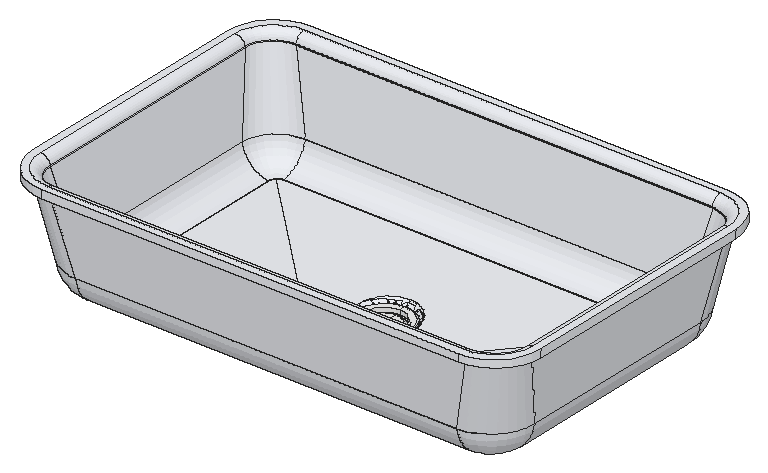
Revit family "Basin-Under Counter-Caroma Cube 500", category Plumbing Fixtures, host Face, Revit 2014
Parameters (values of type "Cube 500")
  Width_ANZRS = 348 mm  # constant formula
  Waste Radius [instance] = 30 mm
  Waste Connection = yes
  Waste = Metal-Chrome-Caroma
  WFU = 1
  Vent Connection = no
  URL = "http://www.caroma.com.au"
  Type Comments = "White Only, 12.5L Capacity, Supplied with Overflow Only, Includes flush-fitting white plug and waste"  # constant formula
  ModifiedIssue_ANZRS = 20140916.01  # constant formula
  Model = "683455W"  # constant formula
  Material_ANZRS = Porcelain-White-Caroma
  Manufacturer = "GWA Bathrooms & Kitchens"  # constant formula
  Length_ANZRS = 528 mm  # constant formula
  HW Connection = no
  Description = "Caroma Cube 500 Under Counter Basin"  # constant formula
  Depth_ANZRS = 172 mm  # constant formula
  Default Elevation = 0 mm
  CreatedBy_ANZRS = "Design Content"  # constant formula
  CreatedByURL_ANZRS = "http://www.designcontent.com.au"
  CW Connection = no
  Bench Thickness = 20 mm
  Assembly Code = "D2010310"
Reference planes
  plane 1 "Center (Front/Back)": y = 0
  plane 2: z = 0
  plane 3 "Center (Left/Right)": x = 0
  plane 4 "Back": y = 174
  plane 5 "Front": y = -174
  plane 6 "Left": x = -264
  plane 7 "Right": x = 264
  plane 8: y = 0
  plane 9 "Waste Connector": z = -192
  plane 10 "Under Bench": z = -20
Forms (mm)
  Revolve 1, solid, material "Porcelain-White-Caroma" <- "Material_ANZRS"
    sketch origin (0, 0, -151.338) x (0, 1, 0) y (0, 0, 1)
      loop
        line (22.001, -40.662) -> (27.001, -40.662) -> (27.001, 0.212) -> (34.624, 7.835) -> (31.674, 11.956) -> (22.001, 2.283) -> (22.001, -40.662)
      axis (0, -40.662) -> (0, 11.956)
    angle from 0 to 360
  Revolve 2, void
    sketch origin (0, 0, -151.338) x (0, 1, 0) y (0, 0, 1)
      loop
        line (22.001, -44) -> (22.001, 2.283) -> (44.529, 24.811) -> (0, 24.811) -> (0, -44) -> (22.001, -44)
      axis (0, -44) -> (0, 24.811)
    angle from 0 to 360
  Revolve 3, solid, material "Metal-Chrome-Caroma" <- "Waste", detail levels fine
    sketch origin (0, 0, -139.616) x (0, 1, 0) y (0, 0, 1)
      loop
        line (0, -10.692) -> (12.21, -10.692) -> (21.961, -5.287) -> (21.961, -2.838) -> (27.971, -2.838) -> (27.971, -2.027) -> (26.863, -1.308) -> (20.393, -1.308) -> (20.393, -5.615) -> (12.737, -9.859) -> (12.737, -6.13) -> (18.571, -6.13)
        arc (18.571, -6.13) -> (17.547, -4.846) -> (16.02, -4.244) r 3.183
        arc (16.02, -4.244) -> (8.02, -3.645) -> (0, -3.445) r 161.139
        line (0, -3.445) -> (0, -10.692)
      axis (0, -10.692) -> (0, -1.308)
    angle from 0 to 360
  Extrusion 4, void
    sketch origin (0, 0, -20) x (0, 1, 0) y (-1, 0, 0)
      loop
        arc (159, 216.5) -> (149.481, 239.481) -> (126.5, 249) r 32.5
        line (126.5, 249) -> (-126.5, 249)
        arc (-126.5, 249) -> (-149.481, 239.481) -> (-159, 216.5) r 32.5
        line (-159, 216.5) -> (-159, -216.5)
        arc (-159, -216.5) -> (-149.481, -239.481) -> (-126.5, -249) r 32.5
        line (-126.5, -249) -> (126.5, -249)
        arc (126.5, -249) -> (149.481, -239.481) -> (159, -216.5) r 32.5
        line (159, -216.5) -> (159, 216.5)
    from 20 to -172
  Extrusion 5, void
    sketch origin (0, 0, -20) x (0, 1, 0) y (-1, 0, 0)
      loop
        arc (159, 216.5) -> (149.481, 239.481) -> (126.5, 249) r 32.5
        line (126.5, 249) -> (-126.5, 249)
        arc (-126.5, 249) -> (-149.481, 239.481) -> (-159, 216.5) r 32.5
        line (-159, 216.5) -> (-159, -216.5)
        arc (-159, -216.5) -> (-149.481, -239.481) -> (-126.5, -249) r 32.5
        line (-126.5, -249) -> (126.5, -249)
        arc (126.5, -249) -> (149.481, -239.481) -> (159, -216.5) r 32.5
        line (159, -216.5) -> (159, 216.5)
    from 20 to -172
  Sweep 6, solid, material "Porcelain-White-Caroma" <- "Material_ANZRS"
    path origin (0, 0, -20) x (0, 1, 0) y (-1, 0, 0)
      loop
        arc (174, 216.5) -> (160.088, 250.088) -> (126.5, 264) r 47.5
        line (126.5, 264) -> (-126.5, 264)
        arc (-126.5, 264) -> (-160.088, 250.088) -> (-174, 216.5) r 47.5
        line (-174, 216.5) -> (-174, -216.5)
        arc (-174, -216.5) -> (-160.088, -250.088) -> (-126.5, -264) r 47.5
        line (-126.5, -264) -> (126.5, -264)
        arc (126.5, -264) -> (160.088, -250.088) -> (174, -216.5) r 47.5
        line (174, -216.5) -> (174, 216.5)
    profile origin (0, 174, -20) x (0, 1, 0) y (0, 0, 1)
      loop
        line (0, 0) -> (-7.81, 0)
        arc (-7.81, 0) -> (-14.371, -2.453) -> (-17.713, -8.608) r 10
        line (-17.713, -8.608) -> (-17.869, -9.722) -> (-9.791, -9.722)
        arc (-9.791, -9.722) -> (-9.122, -8.491) -> (-7.81, -8) r 2
        line (-7.81, -8) -> (0, -8) -> (0, 0)
  Blend 7, solid, material "Porcelain-White-Caroma" <- "Material_ANZRS"
    base sketch origin (0, 0, -20) x (0, 1, 0) y (-1, 0, 0)
      loop
        line (156.131, 216.5) -> (156.131, 0) -> (164.209, 0) -> (164.209, 216.5)
        arc (164.209, 216.5) -> (153.164, 243.164) -> (126.5, 254.209) r 37.709
        line (126.5, 254.209) -> (-126.5, 254.209)
        arc (-126.5, 254.209) -> (-153.164, 243.164) -> (-164.209, 216.5) r 37.709
        line (-164.209, 216.5) -> (-164.209, 0) -> (-156.131, 0) -> (-156.131, 216.5)
        arc (-156.131, 216.5) -> (-147.452, 237.452) -> (-126.5, 246.131) r 29.631
        line (-126.5, 246.131) -> (126.5, 246.131)
        arc (126.5, 246.131) -> (147.452, 237.452) -> (156.131, 216.5) r 29.631
    top sketch origin (0, 0, -20) x (0, 1, 0) y (-1, 0, 0)
      loop
        line (144.7, 0) -> (152.7, 0) -> (152.7, 197.988)
        arc (152.7, 197.988) -> (139.608, 229.596) -> (108, 242.688) r 44.7
        line (108, 242.688) -> (-108, 242.688)
        arc (-108, 242.688) -> (-139.608, 229.596) -> (-152.7, 197.988) r 44.7
        line (-152.7, 197.988) -> (-152.7, 0) -> (-144.7, 0) -> (-144.7, 197.988)
        arc (-144.7, 197.988) -> (-133.951, 223.939) -> (-108, 234.688) r 36.7
        line (-108, 234.688) -> (108, 234.688)
        arc (108, 234.688) -> (133.951, 223.939) -> (144.7, 197.988) r 36.7
        line (144.7, 197.988) -> (144.7, 0)
    from -9.722 to -85.596
  Blend 8, solid, material "Porcelain-White-Caroma" <- "Material_ANZRS"
    base sketch origin (0, 0, -20) x (0, 1, 0) y (-1, 0, 0)
      loop
        arc (156.131, -216.5) -> (147.452, -237.452) -> (126.5, -246.131) r 29.631
        line (126.5, -246.131) -> (-126.5, -246.131)
        arc (-126.5, -246.131) -> (-147.452, -237.452) -> (-156.131, -216.5) r 29.631
        line (-156.131, -216.5) -> (-156.131, 0) -> (-164.209, 0) -> (-164.209, -216.5)
        arc (-164.209, -216.5) -> (-153.164, -243.164) -> (-126.5, -254.209) r 37.709
        line (-126.5, -254.209) -> (126.5, -254.209)
        arc (126.5, -254.209) -> (153.164, -243.164) -> (164.209, -216.5) r 37.709
        line (164.209, -216.5) -> (164.209, 0) -> (156.131, 0) -> (156.131, -216.5)
    top sketch origin (0, 0, -20) x (0, 1, 0) y (-1, 0, 0)
      loop
        line (144.7, 0) -> (144.7, -197.988)
        arc (144.7, -197.988) -> (133.951, -223.939) -> (108, -234.688) r 36.7
        line (108, -234.688) -> (-108, -234.688)
        arc (-108, -234.688) -> (-133.951, -223.939) -> (-144.7, -197.988) r 36.7
        line (-144.7, -197.988) -> (-144.7, 0) -> (-152.7, 0) -> (-152.7, -197.988)
        arc (-152.7, -197.988) -> (-139.608, -229.596) -> (-108, -242.688) r 44.7
        line (-108, -242.688) -> (108, -242.688)
        arc (108, -242.688) -> (139.608, -229.596) -> (152.7, -197.988) r 44.7
        line (152.7, -197.988) -> (152.7, 0) -> (144.7, 0)
    from -9.722 to -85.596
  Sweep 9, solid, material "Porcelain-White-Caroma" <- "Material_ANZRS"
    path origin (0, 0, -20) x (0, 1, 0) y (-1, 0, 0)
      loop
        line (144.7, -197.988) -> (144.7, 197.988)
        arc (144.7, 197.988) -> (133.951, 223.939) -> (108, 234.688) r 36.7
        line (108, 234.688) -> (-108, 234.688)
        arc (-108, 234.688) -> (-133.951, 223.939) -> (-144.7, 197.988) r 36.7
        line (-144.7, 197.988) -> (-144.7, -197.988)
        arc (-144.7, -197.988) -> (-133.951, -223.939) -> (-108, -234.688) r 36.7
        line (-108, -234.688) -> (108, -234.688)
        arc (108, -234.688) -> (133.951, -223.939) -> (144.7, -197.988) r 36.7
    profile origin (-234.688, 0, -20) x (1, 0, 0) y (0, 0, 1)
      loop
        arc (28.039, -111.484) -> (9.475, -103.462) -> (0, -85.596) r 30.525
        line (0, -85.596) -> (-8.072, -85.596)
        arc (-8.072, -85.596) -> (3.813, -109.12) -> (28.039, -119.499) r 38.525
        line (28.039, -119.499) -> (28.039, -111.484)
  Sweep 10, solid, material "Porcelain-White-Caroma" <- "Material_ANZRS"
    path origin (0, 0, -20) x (0, 1, 0) y (-1, 0, 0)
      loop
        line (-116.661, 206.649) -> (-116.661, -206.649) -> (116.661, -206.649) -> (116.661, 206.649) -> (-116.661, 206.649)
    profile origin (-206.649, 0, -20) x (-1, 0, 0) y (0, 0, 1)
      loop
        line (0, -119.499) -> (0, -111.484) -> (-115, -119.499) -> (-115, -127.515) -> (0, -119.499)
  Extrusion 11, solid, material "Porcelain-White-Caroma" <- "Material_ANZRS"
    sketch origin (0, 0, -20) x (0, 1, 0) y (-1, 0, 0)
      loop
        line (1.661, 91.649) -> (-1.661, 91.649) -> (-1.661, -91.649) -> (1.661, -91.649) -> (1.661, 91.649)
    from -119.499 to -127.515
Cuts and joins
  Revolve 2 cuts Sweep 10
  Revolve 2 cuts Extrusion 11
  joined: Sweep 10, Extrusion 11
  joined: Blend 7, Blend 8
Lines and regions (mm)
  Masking region 1
    outline origin (0, 0, -20) x (0, 1, 0) y (-1, 0, 0)
      loop
        arc (159, 216.5) -> (149.481, 239.481) -> (126.5, 249) r 32.5
        line (126.5, 249) -> (-126.5, 249)
        arc (-126.5, 249) -> (-149.481, 239.481) -> (-159, 216.5) r 32.5
        line (-159, 216.5) -> (-159, -216.5)
        arc (-159, -216.5) -> (-149.481, -239.481) -> (-126.5, -249) r 32.5
        line (-126.5, -249) -> (126.5, -249)
        arc (126.5, -249) -> (149.481, -239.481) -> (159, -216.5) r 32.5
        line (159, -216.5) -> (159, 216.5)
  symbolic lines, style "Waste Outlets"
    curve 1: circle (0, 0, -20) r 27.971 normal (0, 0, 1)
    curve 2: circle (0, 0, -20) r 40 normal (0, 0, 1)
  symbolic lines, style "PlumbingFixturesHiddenLines"
    curve 3: line (-264, 0, -20) -> (264, 0, -20)
    curve 4: line (-264, 0, -20) -> (-264, 0, -28)
    curve 5: line (-264, 0, -28) -> (-254, 0, -28)
    curve 6: line (-254, 0, -28) -> (-242.756, 0, -108.002)
    curve 7: line (-207.644, 0, -140.401) -> (-27.001, 0, -151.126)
    curve 8: line (-27.001, 0, -151.126) -> (-27.001, 0, -192)
    curve 9: line (-27.001, 0, -192) -> (27.001, 0, -192)
    curve 10: line (27.001, 0, -192) -> (27.001, 0, -151.126)
    curve 11: arc (-242.756, 0, -108.002) -> (-230.985, 0, -130.47) -> (-207.644, 0, -140.401) r 37.714
    curve 12: line (264, 0, -20) -> (264, 0, -28)
    curve 13: line (264, 0, -28) -> (254, 0, -28)
    curve 14: line (254, 0, -28) -> (242.756, 0, -108.002)
    curve 15: line (207.644, 0, -140.401) -> (27.001, 0, -151.126)
    curve 16: arc (242.756, 0, -108.002) -> (230.985, 0, -130.47) -> (207.644, 0, -140.401) r 37.714
    curve 17: line (0, 174, -20) -> (0, -174, -20)
    curve 18: line (0, -174, -20) -> (0, -174, -28)
    curve 19: line (0, -174, -28) -> (0, -164, -28)
    curve 20: line (0, -164, -28) -> (0, -147.756, -136.794)
    curve 21: line (0, -147.756, -136.794) -> (0, -27.001, -145.211)
    curve 22: line (0, -27.001, -192) -> (0, -27.001, -145.211)
    curve 23: line (0, -27.001, -192) -> (0, 27.001, -192)
    curve 24: line (0, 27.001, -192) -> (0, 27.001, -184.928)
    curve 25: line (0, 27.001, -184.928) -> (0, 114.896, -167.843)
    curve 26: line (0, 144.243, -152.24) -> (0, 164.988, -131.495)
    curve 27: line (0, 170.846, -117.352) -> (0, 170.846, -28)
    curve 28: line (0, 170.846, -28) -> (0, 174, -28)
    curve 29: line (0, 174, -28) -> (0, 174, -20)
    curve 30: arc (0, 114.896, -167.843) -> (0, 130.735, -162.234) -> (0, 144.243, -152.24) r 56.84
    curve 31: arc (0, 164.988, -131.495) -> (0, 169.323, -125.006) -> (0, 170.846, -117.352) r 20
  symbolic lines, style "Basins/Sinks/Tubs"
    curve 32: spline (-16.517, 140.359, -20) -> (-15.954, 141.653, -20) -> (-14.304, 142.859, -20) -> (-11.679, 143.894, -20) -> (-8.258, 144.689, -20) -> (-4.275, 145.189, -20) -> (0, 145.359, -20) -> (4.275, 145.189, -20) -> (8.258, 144.689, -20) -> (11.679, 143.894, -20) -> (14.304, 142.859, -20) -> (15.954, 141.653, -20) -> (16.517, 140.359, -20) -> (15.954, 139.065, -20) -> (14.304, 137.859, -20) -> (11.679, 136.823, -20) -> (8.258, 136.029, -20) -> (4.275, 135.529, -20) -> (0, 135.359, -20) -> (-4.275, 135.529, -20) -> (-8.258, 136.029, -20) -> (-11.679, 136.823, -20) -> (-14.304, 137.859, -20) -> (-15.954, 139.065, -20) -> (-16.517, 140.359, -20)
    curve 33: spline (14.999, 142.453, -20) -> (13.425, 141.634, -20) -> (11.368, 140.92, -20) -> (8.904, 140.335, -20) -> (6.12, 139.903, -20) -> (3.116, 139.636, -20) -> (0, 139.547, -20) -> (-3.116, 139.636, -20) -> (-6.12, 139.903, -20) -> (-8.904, 140.335, -20) -> (-11.368, 140.92, -20) -> (-13.425, 141.634, -20) -> (-14.999, 142.453, -20)
    curve 34: line (197.988, 144.7, -20) -> (-197.988, 144.7, -20)
    curve 35: arc (-197.988, 144.7, -20) -> (-223.939, 133.951, -20) -> (-234.688, 108, -20) r 36.7
    curve 36: line (-234.688, 108, -20) -> (-234.688, -108, -20)
    curve 37: arc (-234.688, -108, -20) -> (-223.939, -133.951, -20) -> (-197.988, -144.7, -20) r 36.7
    curve 38: line (-197.988, -144.7, -20) -> (197.988, -144.7, -20)
    curve 39: arc (197.988, -144.7, -20) -> (223.939, -133.951, -20) -> (234.688, -108, -20) r 36.7
    curve 40: line (234.688, -108, -20) -> (234.688, 108, -20)
    curve 41: arc (234.688, 108, -20) -> (223.939, 133.951, -20) -> (197.988, 144.7, -20) r 36.7
Dimensions and locks
  equal spacing: plane 6 "Left", plane 3 "Center (Left/Right)", plane 7 "Right"
  "Length_ANZRS": plane 6 "Left" to plane 7 "Right"
  equal spacing: plane 4 "Back", plane 1 "Center (Front/Back)", plane 5 "Front"
  "Width_ANZRS": plane 5 "Front" to plane 4 "Back"
  locked: plane 4 "Back" to plane 8 at 174
  "Bench Thickness": level to plane 10 "Under Bench"
  "Depth_ANZRS": plane 10 "Under Bench" to plane 9 "Waste Connector"
  Revolve 3 sketch curve to Revolve 3 sketch curve to plane 9 "Waste Connector" = 9.384 mm locked, 41.692 mm
  aligned and locked: plane 2 to host face
  aligned and locked: level to host face
  aligned and locked: level to Extrusion 4
  aligned and locked: Extrusion 4 to plane 9 "Waste Connector"
  aligned and locked: Extrusion 5 to plane 9 "Waste Connector"
  aligned and locked: level to Extrusion 5
Automatic sketch dimensions
  host sketch curve to host sketch curve = 2438.4 mm  (x2)
  plane 5 "Front" to Sweep 6 sketch curve = 0 mm
  Sweep 6 sketch curve to plane 6 "Left" = 0 mm
  Sweep 6 sketch curve to plane 7 "Right" = 0 mm
  Sweep 6 sketch curve to plane 4 "Back" = 0 mm
  Sweep 6 sketch curve to plane 5 "Front" = 47.5 mm
  Sweep 6 sketch curve to Sweep 6 sketch curve = 47.5 mm
  Sweep 6 sketch curve to plane 4 "Back" = 47.5 mm  (x2)
  Sweep 6 sketch curve to Sweep 6 sketch curve = 0 mm  (x2)
  Sweep 6 sketch curve to plane 10 "Under Bench" = 0 mm
  Sweep 6 sketch curve to profile plane = 0 mm
  profile plane to Sweep 6 sketch curve = 7.81 mm
  Sweep 6 sketch curve to Sweep 6 sketch curve = 1.981 mm
  Sweep 6 sketch curve to plane 10 "Under Bench" = 8.608 mm
  Sweep 6 sketch curve to Sweep 6 sketch curve = 7.922 mm
  Sweep 6 sketch curve to Sweep 6 sketch curve = 0.156 mm
  Sweep 6 sketch curve to Sweep 6 sketch curve = 1.113 mm
  Blend 7 sketch curve to Blend 7 sketch curve = 0 mm  (x8)
  Blend 7 sketch curve to plane 3 "Center (Left/Right)" = 0 mm  (x4)
  Blend 7 sketch curve to plane 5 "Front" = 9.791 mm
  Blend 7 sketch curve to Blend 7 sketch curve = 8.079 mm
  Blend 7 sketch curve to Blend 7 sketch curve = 29.631 mm
  Blend 7 sketch curve to plane 6 "Left" = 17.869 mm
  Blend 7 sketch curve to plane 4 "Back" = 47.5 mm
  Blend 7 sketch curve to plane 4 "Back" = 17.869 mm
  Blend 7 sketch curve to plane 5 "Front" = 21.3 mm
  Blend 7 sketch curve to Blend 7 sketch curve = 8 mm
  Blend 7 sketch curve to Blend 7 sketch curve = 36.7 mm
  Blend 7 sketch curve to plane 4 "Back" = 66 mm
  Blend 7 sketch curve to plane 4 "Back" = 29.3 mm
  Blend 7 sketch curve to plane 6 "Left" = 66.012 mm
  Blend 8 sketch curve to Blend 8 sketch curve = 0 mm  (x8)
  Blend 8 sketch curve to plane 3 "Center (Left/Right)" = 0 mm  (x4)
  plane 5 "Front" to Blend 8 sketch curve = 9.791 mm
  Blend 8 sketch curve to Blend 8 sketch curve = 8.079 mm
  Blend 8 sketch curve to Blend 8 sketch curve = 29.631 mm
  plane 7 "Right" to Blend 8 sketch curve = 17.869 mm
  plane 4 "Back" to Blend 8 sketch curve = 47.5 mm
  plane 4 "Back" to Blend 8 sketch curve = 17.869 mm
  plane 5 "Front" to Blend 8 sketch curve = 21.3 mm
  Blend 8 sketch curve to Blend 8 sketch curve = 8 mm
  Blend 8 sketch curve to Blend 8 sketch curve = 36.7 mm
  plane 4 "Back" to Blend 8 sketch curve = 66 mm
  plane 4 "Back" to Blend 8 sketch curve = 29.3 mm
  plane 7 "Right" to Blend 8 sketch curve = 66.012 mm
  Sweep 9 sketch curve to plane 5 "Front" = 29.3 mm
  Sweep 9 sketch curve to plane 5 "Front" = 66 mm
  Sweep 9 sketch curve to plane 6 "Left" = 29.312 mm
  Sweep 9 sketch curve to Sweep 9 sketch curve = 36.7 mm
  Sweep 9 sketch curve to plane 4 "Back" = 66 mm  (x2)
  Sweep 9 sketch curve to plane 4 "Back" = 29.3 mm
  Sweep 9 sketch curve to plane 7 "Right" = 29.312 mm
  Sweep 9 sketch curve to Sweep 9 sketch curve = 0 mm  (x2)
  profile plane to Sweep 9 sketch curve = 0 mm
  Sweep 9 sketch curve to profile plane = 28.039 mm
  Sweep 9 sketch curve to plane 10 "Under Bench" = 119.499 mm
  Sweep 9 sketch curve to Sweep 9 sketch curve = 8.016 mm
  Sweep 9 sketch curve to Sweep 9 sketch curve = 8.072 mm
  Sweep 9 sketch curve to Sweep 9 sketch curve = 25.888 mm
  Extrusion 5 sketch curve to plane 5 "Front" = 15 mm
  Extrusion 5 sketch curve to plane 6 "Left" = 15 mm
  Extrusion 5 sketch curve to plane 7 "Right" = 15 mm
  Extrusion 5 sketch curve to plane 4 "Back" = 15 mm
  Extrusion 5 sketch curve to Extrusion 5 sketch curve = 32.5 mm  (x2)
  Extrusion 5 sketch curve to plane 4 "Back" = 47.5 mm  (x2)
  Extrusion 4 sketch curve to plane 5 "Front" = 15 mm
  Extrusion 4 sketch curve to Extrusion 4 sketch curve = 32.5 mm  (x2)
  Extrusion 4 sketch curve to plane 4 "Back" = 47.5 mm  (x2)
  Extrusion 4 sketch curve to plane 7 "Right" = 15 mm
  Extrusion 4 sketch curve to plane 4 "Back" = 15 mm
  Extrusion 4 sketch curve to plane 6 "Left" = 47.5 mm
  Sweep 10 sketch curve to plane 5 "Front" = 57.339 mm
  Sweep 10 sketch curve to plane 7 "Right" = 57.351 mm
  Sweep 10 sketch curve to plane 4 "Back" = 57.339 mm
  Sweep 10 sketch curve to plane 6 "Left" = 57.351 mm
  Sweep 10 sketch curve to profile plane = 0 mm
  Sweep 10 sketch curve to Sweep 10 sketch curve = 115 mm
  Sweep 10 sketch curve to plane 10 "Under Bench" = 119.499 mm
  Sweep 10 sketch curve to Sweep 10 sketch curve = 8.016 mm  (x2)
  Sweep 10 sketch curve to Sweep 10 sketch curve = 0 mm
  plane 1 "Center (Front/Back)" to Extrusion 11 sketch curve = 1.661 mm
  Extrusion 11 sketch curve to plane 1 "Center (Front/Back)" = 1.661 mm
  plane 3 "Center (Left/Right)" to Extrusion 11 sketch curve = 91.649 mm
  Extrusion 11 sketch curve to plane 3 "Center (Left/Right)" = 91.649 mm
  curve 17 to plane 5 "Front" = 0 mm
  curve 23 to plane 9 "Waste Connector" = 0 mm
  curve 29 to plane 4 "Back" = 0 mm
  curve 29 to plane 10 "Under Bench" = 0 mm
  curve 18 to curve 20 = 10 mm
  curve 20 to plane 5 "Front" = 26.244 mm
  plane 1 "Center (Front/Back)" to curve 23 = 27.001 mm
  plane 9 "Waste Connector" to curve 25 = 7.072 mm
  curve 25 to plane 1 "Center (Front/Back)" = 27.001 mm
  curve 30 to plane 4 "Back" = 69.949 mm
  plane 9 "Waste Connector" to curve 25 = 24.157 mm
  curve 30 to curve 25 = 10.846 mm
  curve 26 to plane 4 "Back" = 29.757 mm
  curve 31 to plane 4 "Back" = 23.154 mm
  curve 26 to plane 4 "Back" = 9.012 mm
  curve 28 to plane 4 "Back" = 3.154 mm
  curve 30 to curve 26 = 15.604 mm
  curve 22 to curve 22 = 46.789 mm
  plane 9 "Waste Connector" to curve 20 = 55.206 mm
  curve 30 to curve 26 = 20.745 mm
  curve 27 to plane 10 "Under Bench" = 8 mm
  curve 19 to plane 10 "Under Bench" = 8 mm
  plane 6 "Left" to curve 5 = 0 mm
  curve 9 to plane 9 "Waste Connector" = 0 mm
  curve 13 to plane 7 "Right" = 0 mm
  curve 4 to plane 10 "Under Bench" = 0 mm
  curve 4 to curve 5 = 10 mm
  curve 6 to plane 6 "Left" = 21.244 mm
  curve 6 to curve 7 = 35.112 mm
  curve 6 to curve 11 = 37.347 mm
  curve 9 to plane 3 "Center (Left/Right)" = 27.001 mm
  plane 3 "Center (Left/Right)" to curve 9 = 27.001 mm
  curve 16 to plane 7 "Right" = 58.591 mm
  curve 16 to curve 15 = 2.235 mm
  curve 14 to plane 7 "Right" = 21.244 mm
  curve 13 to curve 12 = 10 mm
  curve 8 to curve 8 = 40.874 mm
  curve 9 to curve 15 = 40.874 mm
  plane 9 "Waste Connector" to curve 7 = 51.599 mm
  plane 9 "Waste Connector" to curve 15 = 51.599 mm
  curve 7 to curve 6 = 32.399 mm
  curve 16 to curve 14 = 32.399 mm
  curve 5 to plane 10 "Under Bench" = 8 mm
  curve 12 to curve 3 = 8 mm
  Revolve 1 sketch curve to plane 1 "Center (Front/Back)" = 0 mm
  Revolve 1 sketch curve to plane 9 "Waste Connector" = 0 mm
  Revolve 1 sketch curve to plane 1 "Center (Front/Back)" = 22.001 mm
  Revolve 1 sketch curve to Revolve 1 sketch curve = 5 mm
  Revolve 1 sketch curve to Revolve 1 sketch curve = 4.674 mm
  Revolve 1 sketch curve to Revolve 1 sketch curve = 2.95 mm
  Revolve 1 sketch curve to Revolve 1 sketch curve = 40.874 mm
  Revolve 1 sketch curve to Revolve 1 sketch curve = 2.071 mm
  Revolve 1 sketch curve to Revolve 1 sketch curve = 7.623 mm
  Revolve 1 sketch curve to Revolve 1 sketch curve = 4.121 mm
  Revolve 1 sketch curve to plane 9 "Waste Connector" = 3.338 mm
  Revolve 1 sketch curve to Revolve 1 sketch curve = 10.471 mm
  Revolve 2 sketch curve to plane 1 "Center (Front/Back)" = 0 mm  (x2)
  Revolve 2 sketch curve to plane 1 "Center (Front/Back)" = 22.001 mm
  Revolve 2 sketch curve to Revolve 2 sketch curve = 22.528 mm  (x2)
  Revolve 2 sketch curve to plane 9 "Waste Connector" = 3.338 mm
  plane 9 "Waste Connector" to Revolve 2 sketch curve = 42.945 mm
  Revolve 2 sketch curve to Revolve 2 sketch curve = 0 mm
  Revolve 2 sketch curve to Revolve 2 sketch curve = 12.057 mm
  Revolve 3 sketch curve to plane 1 "Center (Front/Back)" = 0 mm  (x2)
  Revolve 3 sketch curve to plane 1 "Center (Front/Back)" = 12.21 mm
  Revolve 3 sketch curve to Revolve 3 sketch curve = 0.528 mm
  Revolve 3 sketch curve to Revolve 3 sketch curve = 2.918 mm
  Revolve 3 sketch curve to Revolve 3 sketch curve = 2.916 mm
  Revolve 3 sketch curve to Revolve 3 sketch curve = 1.822 mm
  Revolve 3 sketch curve to Revolve 3 sketch curve = 1.568 mm
  Revolve 3 sketch curve to Revolve 3 sketch curve = 4.902 mm
  Revolve 3 sketch curve to Revolve 3 sketch curve = 1.107 mm
  Revolve 3 sketch curve to plane 9 "Waste Connector" = 112.201 mm
  Revolve 3 sketch curve to Revolve 3 sketch curve = 0.833 mm
  Revolve 3 sketch curve to Revolve 3 sketch curve = 2.453 mm
  Revolve 3 sketch curve to Revolve 3 sketch curve = 1.276 mm
  Revolve 3 sketch curve to Revolve 3 sketch curve = 0.515 mm
  Revolve 3 sketch curve to Revolve 3 sketch curve = 0.328 mm
  Revolve 3 sketch curve to Revolve 3 sketch curve = 7.247 mm
  Revolve 3 sketch curve to Revolve 3 sketch curve = 1.53 mm
  Revolve 3 sketch curve to Revolve 3 sketch curve = 0.811 mm
  Revolve 3 sketch curve to Revolve 3 sketch curve = 0 mm  (x2)
  curve 1 to curve 2 = 0 mm  (x2)
  plane 1 "Center (Front/Back)" to curve 2 = 0 mm
  curve 32 to plane 3 "Center (Left/Right)" = 0 mm
  curve 33 to plane 3 "Center (Left/Right)" = 0 mm
  curve 2 to plane 3 "Center (Left/Right)" = 0 mm
  curve 32 to plane 4 "Back" = 33.641 mm
  curve 32 to curve 33 = 2.094 mm
  curve 33 to curve 33 = 2.094 mm
  plane 3 "Center (Left/Right)" to curve 33 = 14.999 mm
  curve 33 to curve 33 = 1.518 mm
  curve 33 to curve 32 = 1.518 mm
  curve 35 to plane 4 "Back" = 66 mm
  curve 34 to plane 4 "Back" = 29.3 mm
  curve 35 to plane 6 "Left" = 66.012 mm
  curve 34 to plane 7 "Right" = 66.012 mm
  curve 36 to plane 5 "Front" = 66 mm
  curve 37 to curve 36 = 36.7 mm
  curve 39 to curve 39 = 36.7 mm
  curve 40 to curve 34 = 36.7 mm
  Masking region 1 sketch curve to plane 5 "Front" = 15 mm
  Masking region 1 sketch curve to Masking region 1 sketch curve = 32.5 mm  (x2)
  Masking region 1 sketch curve to plane 4 "Back" = 47.5 mm  (x2)
  Masking region 1 sketch curve to plane 7 "Right" = 15 mm
  Masking region 1 sketch curve to plane 4 "Back" = 15 mm
  Masking region 1 sketch curve to plane 6 "Left" = 47.5 mm
  radius of curve 1 = 27.971 mm
  radius of curve 2 = 40 mm
Connectors
  piping at (0, 0, -192), diameter 60, driven by "Waste Radius", driven by "WFU"
    settings: on Revolve 1, index 1, connector inside diameter 2.3622", connector length 0 mm, flow factor 0, pipe flow 0 GPM, pressure drop 0.00 psi, fitting loss kfactor 0, connector angle 0.00°, fixture units 1, engagement length 0 mm, angle of deflection 0.00°, flow configuration 3, flow direction 2, fitting loss method 101, system type 16, joint type 0, gender type 0, connector reference index -1, connector utility 0, adjustable connector no, is connector primary yes, connector description "Outlet"
